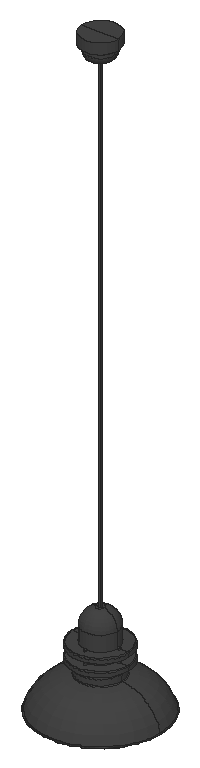
Revit family "Orbitor T 200w -218,220 LED", category Lighting Fixtures, Revit 2020
Family settings
  Round Connector Dimension = Use Diameter
  Part Type = Normal
  OmniClass Number = 23.80.70.00
  OmniClass Title = Lighting
  Work Plane-Based = No
  Always vertical = Yes
  Cut with Voids When Loaded = No
  Light Source = Yes
  Shared = No
  Room Calculation Point = No
Parameters (values of type "ORB218")
  Weight = "3.0 lbs"
  Wattage Comments = "24W"
  Wattage = 2.4 W
  Warranty = "5 year limited warranty"  # constant formula
  built-in parameter 1150110 = 1 (stored number, unit not read)
  Voltage = 277 V
  URL = "https://www.anplighting.com/assets/Uploads/product-attachments/specification-sheets/ANP-Specification-Sheet-RLM-LED-ORBT218.pdf"
  built-in parameter 1114217 = 1 (stored number, unit not read)
  Tilt Angle = 90.00°
  built-in parameter 1150109 = 1 (stored number, unit not read)
  built-in parameter 1150134 = 12
  built-in parameter 1150113 = 1 (stored number, unit not read)
  ORBITOR20 = no
  ORBITOR18 = yes
  Mounting Option [instance] = 1
  Power Factor = 1
  Post Mount [instance] = Mounting Option = 5  # no
  Placement X axis side [instance] = if(Post Mount, 2' 2 15/32", if(Cord or Stem Mount, 0' 0", if(E36 20 inch, 1' 8 1/4", if(E 6 26 inch, 2' 2", if(E7 41 inch, 3' 5 1/4", 0' 1")))))  # 0' - 0"
  Photometric Web File = "generic.ies"
  Model = "ORBT218"
  Manufacturer = "ANP Lighting"  # constant formula
  built-in parameter 1150105 = 238.73 (stored number, unit not read)
  Lumens = 3000 lm
  built-in parameter 1150115 = 1 (stored number, unit not read)
  Load Classification = Lighting
  Light Source Height [instance] = 1' - 1 1/2"
  built-in parameter 1150137 = (empty or 0)
  built-in parameter 1150139 = (empty or 0)
  Light Elevation _2 [instance] = if(Post Mount, 0' 0.66142", if(E7 41 inch, 0' 0.66142", if(E36 20 inch, 0' 1.65748", if(E 6 26 inch, 0' 1.53543", if(Cord or Stem Mount, (0' 4.3622" + Cord Length), 0' 0")))))  # 6' - 4.3622"
  Light Elevation _1 [instance] = if(Post Mount, 0' 0", if(E7 41 inch, 0' 0", if(E36 20 inch, 0' 1", if(E 6 26 inch, 0' 0.87402", if(Cord or Stem Mount, (0' 3.66142" + Cord Length), 0' 0")))))  # 6' - 3.66142"
  Light Elevation [instance] = if(Post Mount, 14' 0.5315", if(E7 41 inch, 0' 0", 0' 0"))  # 0' - 0"
  Life = "L70 50,000 hours"  # constant formula
  built-in parameter 1150112 = 1 (stored number, unit not read)
  built-in parameter 1150114 = 1 (stored number, unit not read)
  Lamp = "LED"
  built-in parameter 1150132 = 2
  built-in parameter 1150102 = (empty or 0)
  built-in parameter 1150107 = 4000 (stored number, unit not read)
  built-in parameter 1150138 = (empty or 0)
  built-in parameter 1150106 = 2.3873 (stored number, unit not read)
  INSIDE BODY = INSIDE BODY
  Fixture Height = 1' - 1 7/8"
  Fixture Diameter = 1' - 6"
  Efficiency = "65-125 lumens per watt"  # constant formula
  built-in parameter 1150104 = 116.13 (stored number, unit not read)
  E7 41 inch [instance] = Mounting Option = 4  # no
  E36 20 inch [instance] = Mounting Option = 3  # no
  E 6 26 inch [instance] = Mounting Option = 2  # no
  Dimming Lamp Color Temperature Shift = <None>
  Dimming = "1%"  # constant formula
  Description = "120-277 Voltage"  # constant formula
  Default Elevation = 0' - 0"
  Cord or Stem Mount [instance] = Mounting Option = 1  # yes
  Cord Length option [instance] = 0
  Cord Length [instance] = if([2' Cord], 2' 0", if([4' Cord], 4' 0", if([8' Cord], 8' 0", if([10' Cord], 10' 0", if([6' Cord], 6' 0", 6' 0")))))  # 6' - 0"
  Construction Material = "Heavy Duty spun aluminum."  # constant formula
  Color Filter = 16777215
  CRI = ">90"  # constant formula
  Bulb = Bulb
  Body Material = body
  Body Colour = "Spun aluminium"  # constant formula
  built-in parameter 1114218 = 1 (stored number, unit not read)
  built-in parameter 1150133 = 10 (stored number, unit not read)
  Apparent Load = 24 VA
  8' Cord [instance] = Cord Length option = 8  # no
  6' Cord [instance] = Cord Length option = 6  # no
  4' Cord [instance] = Cord Length option = 4  # no
  2' Cord [instance] = Cord Length option = 2  # no
  10' Cord [instance] = Cord Length option = 10  # no
Types (3): name | Weight | URL | ORBITOR20 | ORBITOR18 | Model | Fixture Diameter
  (no name) | "3.0 lbs" | "https://www.anplighting.com/assets/Uploads/product-attachments/specification-sheets/ANP-Specification-Sheet-RLM-LED-ORBT218.pdf" | no | yes | "ORBT218" | 1' - 6"
  ORB218 | "3.0 lbs" | "https://www.anplighting.com/assets/Uploads/product-attachments/specification-sheets/ANP-Specification-Sheet-RLM-LED-ORBT218.pdf" | no | yes | "ORBT218" | 1' - 6"
  ORB220 | "3.5 lbs" | "https://www.anplighting.com/assets/Uploads/product-attachments/specification-sheets/ANP-Specification-Sheet-RLM-LED-ORBT220.pdf" | yes | no | "ORBT220" | 1' - 8"
Reference planes (in)
  plane 1 "Light Source Axis (F/B)": y = 0
  plane 2: z = 0
  plane 3 "Light Source Axis (L/R)": x = 0
  plane 4 "Light Source Elevation": z = 0
  plane 5: z = 0
  plane 6: x = 0
  plane 7 "Bulb Position": z = -76.3622
  plane 8 "Canopy Position": z = -75.66142
  plane 9 "IES": z = -89.8622
Dimensions and locks (in)
  "Light Elevation": plane 5 to plane 2
  "Placement X axis side": plane 6 to plane 3 "Light Source Axis (L/R)"
  "Light Elevation _2": plane 5 to plane 7 "Bulb Position"
  "Light Elevation _1": plane 5 to plane 8 "Canopy Position"
  "Light Source Height": plane 7 "Bulb Position" to plane 9 "IES"
  locked: plane 4 "Light Source Elevation" to plane 2
  aligned and locked: level to plane 2
  aligned and locked: plane 1 "Light Source Axis (F/B)" to nested 5
  aligned and locked: nested 5 to plane 2
  aligned and locked: nested 1 to plane 3 "Light Source Axis (L/R)"
  aligned and locked: plane 3 "Light Source Axis (L/R)" to nested 2
  aligned and locked: plane 3 "Light Source Axis (L/R)" to nested 4
  aligned and locked: nested 3 to plane 5
  aligned and locked: plane 3 "Light Source Axis (L/R)" to nested 3
  aligned and locked: plane 3 "Light Source Axis (L/R)" to nested 5
  aligned and locked: plane 1 "Light Source Axis (F/B)" to nested 2
  aligned and locked: plane 1 "Light Source Axis (F/B)" to nested 1
  aligned and locked: plane 1 "Light Source Axis (F/B)" to nested 4
  aligned and locked: plane 1 "Light Source Axis (F/B)" to nested 3
  aligned and locked: plane 2 to nested 1
  aligned and locked: plane 2 to nested 2
  aligned and locked: nested 4 to plane 2
  aligned and locked: imposter light to plane 9 "IES"
  aligned and locked: imposter light to plane 6
  aligned and locked: nested 6 to plane 6
  aligned and locked: nested 6 to plane 8 "Canopy Position"
  aligned and locked: nested 7 to plane 8 "Canopy Position"
  aligned and locked: nested 7 to plane 6
Nested families (in)
  nested 1: "CORD OR STEM MOUNT" at (0, 0, -75.67), visible <- "Cord or Stem Mount", Cord or Stem Mount <- "Cord or Stem Mount", Body Material <- "Body Material", Light Elevation <- "Light Elevation", Cord Length <- "Cord Length", 10' Cord <- "10' Cord", 2' Cord <- "2' Cord", 4' Cord <- "4' Cord", 6' Cord <- "6' Cord", 8' Cord <- "8' Cord", type "CORD OR STEM MOUNT"
    with Light Elevation 0' - 0", Cord or Stem Mount yes, Cord Length 6' - 0", Body Material body, 8' Cord no, 6' Cord no, 4' Cord no, 2' Cord no, 10' Cord no
  nested 2: "E6 26 INCH" at (0, 0, 0), visible <- "E 6 26 inch", Chain Length <- "Cord Length", E 6 26 inch <- "E 6 26 inch", Placement X axis side <- "Placement X axis side", Body Material <- "Body Material", Light Elevation <- "Light Elevation", type "E6 26 INCH"
    with Placement X axis side 0' - 0", Light Elevation 0' - 0", E 6 26 inch no, Chain Length 6' - 0", Body Material body
  nested 3: "E7 41 INCH" at (0, 0, 0), Chain Length <- "Cord Length", visible <- "E7 41 inch", E7 41 inch <- "E7 41 inch", Placement X axis side <- "Placement X axis side", Body Material <- "Body Material", Light Elevation <- "Light Elevation", type "E7 41 INCH"
    with Placement X axis side 0' - 0", Light Elevation 0' - 0", E7 41 inch no, Chain Length 6' - 0", Body Material body
  nested 4: "E36 20 INCH" at (0, 0, 0), visible <- "E36 20 inch", E36 20 inch <- "E36 20 inch", Placement X axis side <- "Placement X axis side", Chain Length <- "Cord Length", Body Material <- "Body Material", Light Elevation <- "Light Elevation", type "E36 20 INCH"
    with Placement X axis side 0' - 0", Light Elevation 0' - 0", E36 20 inch no, Chain Length 6' - 0", Body Material body
  nested 5: "POST MOUNT" at (0, 0, 0), visible <- "Post Mount", Post Mount <- "Post Mount", Placement X axis side <- "Placement X axis side", Chain Length <- "Cord Length", Body Material <- "Body Material", Light Elevation <- "Light Elevation", type "POST MOUNT"
    with Post Mount no, Placement X axis side 0' - 0", Light Elevation 0' - 0", Chain Length 6' - 0", Body Material body
  nested 6: "ORBT218" at (0, 0, -75.66142), Light Elevation <- "Light Elevation", Body <- "Body Material", Bulb <- "Bulb", ORBITOR18 <- "ORBITOR18", visible <- "ORBITOR18", type "ORBT218"
    with ORBITOR18 yes, Light Elevation 0' - 0", Bulb Bulb, Body body
  nested 7: "ORBT220" at (0, 0, -75.66142), Body <- "Body Material", Bulb <- "Bulb", ORBITOR20 <- "ORBITOR20", visible <- "ORBITOR20", type "ORBT220"
    with ORBITOR20 no, Bulb Bulb, Body body
Definition of nested family "CORD OR STEM MOUNT"
  Parameters (values of type "CORD OR STEM MOUNT")
    URL = ""
    Model = ""
    Manufacturer = ""
    Light Elevation [instance] = 1' - 7.69"
    Default Elevation = 0' - 0"
    Cord or Stem Mount [instance] = yes
    Cord Length [instance] = 6' - 0"
    Body Material [instance] = none
    8' Cord [instance] = no
    6' Cord [instance] = no
    4' Cord [instance] = no
    2' Cord [instance] = no
    10' Cord [instance] = no
  Reference planes (in)
    plane 1 "Light Source Axis (F/B)": y = 0
    plane 2: z = 0
    plane 3 "Light Source Axis (L/R)": x = 0
    plane 4 "Light Source Elevation": z = 23.125
    plane 5: z = 91.69
    plane 6: z = 19.69
  Forms (in)
    Extrusion 1, void, not visible
      sketch origin (0, 0, 2.38154) x (1, 0, 0) y (0, 0, 1)
        loop
          circle (0, 4.59925) r 0.16583
      from 1.18594 to 1.75
    Extrusion 2, void, not visible
      sketch origin (0, 0, 2.38154) x (0.707107, -0.707107, 0) y (0, 0, 1)
        loop
          circle (0, 4.59925) r 0.16583
      from 1.18594 to 1.75
    Extrusion 3, void, not visible
      sketch origin (0, 0, 2.38154) x (0.707107, 0.707107, 0) y (0, 0, 1)
        loop
          circle (0, 4.59925) r 0.16583
      from 1.18594 to 1.75
    Extrusion 4, void, not visible
      sketch origin (0, 0, 2.38154) x (0, 1, 0) y (0, 0, 1)
        loop
          circle (0, 4.59925) r 0.16583
      from 1.18594 to 1.75
    Extrusion 5, void, not visible
      sketch origin (0, 0, 2.38154) x (-0.707107, 0.707107, 0) y (0, 0, 1)
        loop
          circle (0, 4.59925) r 0.16583
      from 1.18594 to 1.75
    Extrusion 6, void, not visible
      sketch origin (0, 0, 2.38154) x (-1, 0, 0) y (0, 0, 1)
        loop
          circle (0, 4.59925) r 0.20678
      from 1.18594 to 1.75
    Extrusion 7, void, not visible
      sketch origin (0, 0, 2.38154) x (-0.707107, -0.707107, 0) y (0, 0, 1)
        loop
          circle (0, 4.59925) r 0.16583
      from 1.18594 to 1.75
    Extrusion 8, void, not visible
      sketch origin (0, 0, 2.38154) x (0, -1, 0) y (0, 0, 1)
        loop
          circle (0, 4.59925) r 0.16583
      from 1.18594 to 1.75
    Revolve 9, solid, material <- "Body Material", visible <- "Cord or Stem Mount"
      sketch origin (0, 0, 174.56698) x (1, 0, 0) y (0, 0, 1)
        loop
          line (2.6875, -79.20698) -> (0, -79.20698) -> (0, -82.87698) -> (0.125, -82.87698) -> (0.125, -82.83698) -> (0.75, -82.83698)
          arc (0.75, -82.83698) -> (0.81694, -82.77004) -> (0.75, -82.7031) r 0.06694
          line (0.75, -82.7031) -> (0.89763, -82.7031) -> (1.00223, -82.5985) -> (1.06587, -82.5985)
          arc (1.06587, -82.5985) -> (1.80099, -82.29401) -> (2.10549, -81.55888) r 1.03962
          line (2.10549, -81.55888) -> (2.10549, -81.03899)
          arc (2.10549, -81.03899) -> (2.12951, -80.981) -> (2.1875, -80.95698) r 0.08201
          line (2.1875, -80.95698) -> (2.1875, -80.70698) -> (2.6875, -80.70698) -> (2.6875, -79.20698)
        axis (0, -79.20698) -> (0, -82.87698)
      angle from 0 to 360
    Revolve 10, solid, material <- "Body Material", visible <- "Cord or Stem Mount"
      sketch origin (0, 0, 0) x (1, 0, 0) y (0, 0, 1)
        loop
          line (0, 91.69) -> (-0.125, 91.69) -> (-0.125, 19.69) -> (0, 19.69) -> (0, 91.69)
        axis (0, 19.69) -> (0, 91.69)
      angle from 0 to 360
  Dimensions and locks (in)
    "Light Elevation": plane 6 to plane 2
    "Cord Length": plane 5 to plane 6
    locked: Revolve 10 sketch curve to Revolve 10 sketch curve at 0.125
    aligned and locked: level to plane 2
    aligned and locked: Revolve 10 sketch curve to plane 3 "Light Source Axis (L/R)"
    aligned and locked: Revolve 10 sketch curve to plane 6
    aligned and locked: Revolve 10 sketch curve to plane 5
    aligned and locked: plane 3 "Light Source Axis (L/R)" to Revolve 10 sketch curve
  Automatic sketch dimensions
    Revolve 9 sketch curve to plane 3 "Light Source Axis (L/R)" = 0' - 0"  (x2)
    Revolve 9 sketch curve to plane 5 = 0' - 0"
    plane 3 "Light Source Axis (L/R)" to Revolve 9 sketch curve = 0' - 0 1/8"
    Revolve 9 sketch curve to plane 5 = 0' - 0.17388"
    Revolve 9 sketch curve to Revolve 9 sketch curve = 0' - 0 5/8"
    Revolve 9 sketch curve to Revolve 9 sketch curve = 0' - 0.14763"
    Revolve 9 sketch curve to plane 5 = 0' - 0.27847"
    Revolve 9 sketch curve to Revolve 9 sketch curve = 0' - 0.1046"
    Revolve 9 sketch curve to Revolve 9 sketch curve = 0' - 0.06364"
    Revolve 9 sketch curve to Revolve 9 sketch curve = 0' - 1.03962"
    Revolve 9 sketch curve to Revolve 9 sketch curve = 0' - 0 21/256"
    Revolve 9 sketch curve to Revolve 9 sketch curve = 0' - 0 1/2"  (x2)
    Revolve 9 sketch curve to Revolve 9 sketch curve = 0' - 0.51989"
    Revolve 9 sketch curve to Revolve 9 sketch curve = 0' - 0 1/4"
    Revolve 9 sketch curve to Revolve 9 sketch curve = 0' - 2.3519"
    Revolve 9 sketch curve to Revolve 9 sketch curve = 0' - 1 1/4"
    Revolve 9 sketch curve to Revolve 9 sketch curve = 0' - 0.04"
    Revolve 10 sketch curve to Revolve 10 sketch curve = 0' - 0 1/2"
    Revolve 10 sketch curve to Revolve 10 sketch curve = 0' - 0.42345"
Definition of nested family "ORBT218"
  Parameters (values of type "ORBT218")
    ORBITOR18 [instance] = yes
    Light Elevation [instance] = 0' - 0"
    Default Elevation = 0' - 0"
    Bulb [instance] = none
    Body [instance] = none
  Reference planes (in)
    plane 1 "Center (Front/Back)": y = 0
    plane 2: z = 0
    plane 3 "Center (Left/Right)": x = 0
    plane 4: z = 0
  Dimensions and locks (in)
    "Light Elevation": plane 4 to plane 2
    aligned and locked: plane 2 to level
    aligned and locked: plane 3 "Center (Left/Right)" to nested 1
    aligned and locked: plane 1 "Center (Front/Back)" to nested 1
    aligned and locked: nested 1 to plane 4
  Nested families (in)
    nested 1: "ORBT218-LED" at (0, 0, -14.88867), Body <- "Body", visible <- "ORBITOR18", ORBITOR18 <- "ORBITOR18", Bulb <- "Bulb", type "ORBT218-LED"
      with ORBITOR18 yes, Body none
  Definition of nested family "ORBT218-LED"
    Parameters (values of type "ORBT218-LED")
      ORBITOR18 [instance] = yes
      Default Elevation = 0' - 0"
      Bulb [instance] = none
      Body [instance] = none
    Reference planes (in)
      plane 1 "Center (Front/Back)": y = 0
      plane 2: z = 0
      plane 3 "Center (Left/Right)": x = 0
    Forms (in)
      Revolve 1, solid, material <- "Body", visible <- "ORBITOR18"
        sketch origin (0, 0, 0) x (1, 0, 0) y (0, 0, 1)
          loop
            arc (-0.6875, 14.88867) -> (-1.99609, 13.99026) -> (-2.5, 12.48506) r 2.5
            line (-2.5, 12.48506) -> (-2.5, 10.11006)
            arc (-2.5, 10.11006) -> (-2.53661, 10.02167) -> (-2.625, 9.98506) r 0.125
            line (-2.625, 9.98506) -> (-3.0625, 9.98506)
            arc (-3.0625, 9.98506) -> (-3.15089, 9.94845) -> (-3.1875, 9.86006) r 0.125
            line (-3.1875, 9.86006) -> (-3.1875, 9.36006) -> (-3.1075, 9.36006) -> (-3.1075, 9.86006)
            arc (-3.1075, 9.86006) -> (-3.09432, 9.89188) -> (-3.0625, 9.90506) r 0.045
            line (-3.0625, 9.90506) -> (-2.625, 9.90506)
            arc (-2.625, 9.90506) -> (-2.48004, 9.9651) -> (-2.42, 10.11006) r 0.205
            line (-2.42, 10.11006) -> (-2.42, 12.48506)
            arc (-2.42, 12.48506) -> (-1.93222, 13.94209) -> (-0.6655, 14.81176) r 2.42
            line (-0.6655, 14.81176) -> (0, 14.81176) -> (0, 14.88867) -> (-0.6875, 14.88867)
          axis (0, 14.88867) -> (0, 9.36006)
        angle from 0 to 360
      Revolve 2, solid, material <- "Body", visible <- "ORBITOR18"
        sketch origin (0, 0, 0) x (1, 0, 0) y (0, 0, 1)
          loop
            line (-2.5625, 10.31506) -> (-4.1075, 10.31506)
            arc (-4.1075, 10.31506) -> (-4.16407, 10.29163) -> (-4.1875, 10.23506) r 0.08
            line (-4.1875, 10.23506) -> (-4.1875, 9.69006) -> (-4.1075, 9.69006) -> (-4.1075, 10.23506) -> (-2.5625, 10.23506) -> (-2.5625, 10.31506)
          axis (0, 10.31506) -> (0, 9.69006)
        angle from 0 to 360
      Revolve 3, solid, material <- "Body", visible <- "ORBITOR18"
        sketch origin (0, 0, 0) x (1, 0, 0) y (0, 0, 1)
          loop
            line (-2.5625, 10.23506) -> (-4, 10.23506) -> (-4, 9.98506) -> (-2.5625, 9.98506) -> (-2.5625, 10.23506)
          axis (0, 10.23506) -> (0, 9.98506)
        angle from 0 to 360
      Revolve 4, solid, material <- "Body", visible <- "ORBITOR18"
        sketch origin (0, 0, 0) x (1, 0, 0) y (0, 0, 1)
          loop
            line (-2.5625, 8.45006) -> (-2.5625, 8.53006) -> (-4.1075, 8.53006)
            arc (-4.1075, 8.53006) -> (-4.16407, 8.50663) -> (-4.1875, 8.45006) r 0.08
            line (-4.1875, 8.45006) -> (-4.1875, 7.90506) -> (-4.1075, 7.90506) -> (-4.1075, 8.45006) -> (-2.5625, 8.45006)
          axis (0, 8.53006) -> (0, 7.90506)
        angle from 0 to 360
      Revolve 5, solid, material <- "Body", visible <- "ORBITOR18"
        sketch origin (0, 0, 0) x (1, 0, 0) y (0, 0, 1)
          loop
            line (-2.5625, 7.20006) -> (-3.04687, 7.20006)
            arc (-3.04687, 7.20006) -> (-3.14631, 7.15887) -> (-3.1875, 7.05944) r 0.14063
            line (-3.1875, 7.05944) -> (-3.1875, 6.22719)
            arc (-3.1875, 6.22719) -> (-3.20594, 6.15757) -> (-3.25644, 6.10621) r 0.14063
            arc (-3.25644, 6.10621) -> (-6.83668, 4.59424) -> (-8.90266, 1.30244) r 6.46354
            arc (-8.90266, 1.30244) -> (-8.92733, 1.30009) -> (-8.91562, 1.32194) r 0.01406
            line (-8.91562, 1.32194) -> (-8.91562, 1.39225)
            arc (-8.91562, 1.39225) -> (-8.98204, 1.25583) -> (-8.8337, 1.28769) r 0.08438
            arc (-8.8337, 1.28769) -> (-6.78851, 4.54308) -> (-3.24589, 6.03644) r 6.39184
            arc (-3.24589, 6.03644) -> (-3.15777, 6.11428) -> (-3.125, 6.22719) r 0.21094
            line (-3.125, 6.22719) -> (-3.125, 7.06725)
            arc (-3.125, 7.06725) -> (-3.10441, 7.11697) -> (-3.05469, 7.13756) r 0.07031
            line (-3.05469, 7.13756) -> (-2.5625, 7.13756) -> (-2.5625, 7.20006)
          axis (0, 7.20006) -> (0, 1.28769)
        angle from 0 to 360
      Revolve 6, solid, material <- "Bulb", visible <- "ORBITOR18"
        sketch origin (0, 0, 0) x (1, 0, 0) y (0, 0, 1)
          loop
            line (-2.07662, 9.5) -> (-2.07662, 8.53006) -> (-2.185, 8.4375) -> (-2.185, 5.92368) -> (-2.185, 3.185)
            arc (-2.185, 3.185) -> (-1.54503, 1.63997) -> (0, 1) r 2.185
            line (0, 1) -> (0, 1.1875)
            arc (0, 1.1875) -> (-1.41245, 1.77255) -> (-1.9975, 3.185) r 1.9975
            line (-1.9975, 3.185) -> (-1.9975, 5.92368) -> (-1.9975, 8.35106) -> (-1.88912, 8.44362) -> (-1.88912, 9.5) -> (-2.07662, 9.5)
          axis (0, 9.5) -> (0, 1)
        angle from 0 to 360
      Revolve 7, solid, material <- "Body", visible <- "ORBITOR18"
        sketch origin (0, 0, 0) x (1, 0, 0) y (0, 0, 1)
          loop
            line (-3, 10.37756) -> (-3, 10.31506) -> (-2.8125, 10.31506) -> (-2.8125, 10.49006)
            arc (-2.8125, 10.49006) -> (-2.92183, 10.45978) -> (-3, 10.37756) r 0.2125
          loop
            line (-2.9375, 9.78006) -> (-3, 9.78006) -> (-3, 8.53006) -> (-2.9375, 8.53006) -> (-2.9375, 9.78006)
          loop
            line (-2.9375, 8.45006) -> (-3, 8.45006) -> (-3, 7.20006) -> (-2.9375, 7.20006) -> (-2.9375, 8.45006)
          axis (-2.8125, 10.49006) -> (-2.8125, 7.20006)
        angle from 0 to 360
      Revolve 8, solid, material <- "Body", visible <- "ORBITOR18"
        sketch origin (0, 0, 0) x (-1, 0, 0) y (0, 0, 1)
          loop
            line (-3, 10.37756) -> (-3, 10.31506) -> (-2.8125, 10.31506) -> (-2.8125, 10.49006)
            arc (-2.8125, 10.49006) -> (-2.92183, 10.45978) -> (-3, 10.37756) r 0.2125
          loop
            line (-2.9375, 9.78006) -> (-3, 9.78006) -> (-3, 8.53006) -> (-2.9375, 8.53006) -> (-2.9375, 9.78006)
          loop
            line (-2.9375, 8.45006) -> (-3, 8.45006) -> (-3, 7.20006) -> (-2.9375, 7.20006) -> (-2.9375, 8.45006)
          axis (-2.8125, 10.49006) -> (-2.8125, 7.20006)
        angle from 0 to 360
      Revolve 9, solid
        sketch origin (0, 0, 0) x (0, -1, 0) y (0, 0, 1)
          loop
            line (-3, 10.37756) -> (-3, 10.31506) -> (-2.8125, 10.31506) -> (-2.8125, 10.49006)
            arc (-2.8125, 10.49006) -> (-2.92183, 10.45978) -> (-3, 10.37756) r 0.2125
          loop
            line (-2.9375, 9.78006) -> (-3, 9.78006) -> (-3, 8.53006) -> (-2.9375, 8.53006) -> (-2.9375, 9.78006)
          loop
            line (-2.9375, 8.45006) -> (-3, 8.45006) -> (-3, 7.20006) -> (-2.9375, 7.20006) -> (-2.9375, 8.45006)
          axis (-2.8125, 10.49006) -> (-2.8125, 7.20006)
        angle from 0 to 360
      Revolve 10, solid, material <- "Body", visible <- "ORBITOR18"
        sketch origin (0, 0, 0) x (0, 1, 0) y (0, 0, -1)
          loop
            arc (-3, -10.37756) -> (-2.92183, -10.45978) -> (-2.8125, -10.49006) r 0.2125
            line (-2.8125, -10.49006) -> (-2.8125, -10.31506) -> (-3, -10.31506) -> (-3, -10.37756)
          loop
            line (-2.9375, -9.78006) -> (-2.9375, -8.53006) -> (-3, -8.53006) -> (-3, -9.78006) -> (-2.9375, -9.78006)
          loop
            line (-2.9375, -8.45006) -> (-2.9375, -7.20006) -> (-3, -7.20006) -> (-3, -8.45006) -> (-2.9375, -8.45006)
          axis (-2.8125, -10.49006) -> (-2.8125, -7.20006)
        angle from 0 to 360
      Revolve 11, solid, material <- "Body", visible <- "ORBITOR18"
        sketch origin (0, 0, 0) x (1, 0, 0) y (0, 0, 1)
          loop
            line (-1.25, 9.78006) -> (-2.5, 9.78006) -> (-2.5, 9.03006) -> (-2.4375, 9.03006) -> (-2.4375, 8.53006) -> (-2.1875, 8.53006) -> (-2.1875, 9.59256) -> (-1.25, 9.59256) -> (-1.25, 9.78006)
          axis (0, 9.78006) -> (0, 8.53006)
        angle from 0 to 360
    Dimensions and locks (in)
      aligned and locked: plane 2 to level
Definition of nested family "E6 26 INCH"
  Parameters (values of type "E6 26 INCH")
    URL = ""
    Placement X axis side [instance] = 2' - 2"
    Model = ""
    Manufacturer = ""
    Light Elevation [instance] = 8' - 4"
    E 6 26 inch [instance] = yes
    Default Elevation = 0' - 0"
    Chain Length [instance] = 0' - 0"
    Body Material [instance] = none
  Reference planes (in)
    plane 1 "Light Source Axis (F/B)": y = 0
    plane 2: z = 0
    plane 3 "Light Source Axis (L/R)": x = 0
    plane 4 "Light Source Elevation": z = 23.125
    plane 5: z = 100
    plane 6: x = -26
    plane 7: z = 99.125
    plane 8: x = -24.12
    plane 9: x = -25.5474
  Forms (in)
    Extrusion 1, void, not visible
      sketch origin (0, 0, 2.38154) x (1, 0, 0) y (0, 0, 1)
        loop
          circle (0, 4.59925) r 0.16583
      from 1.18594 to 1.75
    Extrusion 2, void, not visible
      sketch origin (0, 0, 2.38154) x (0.707107, -0.707107, 0) y (0, 0, 1)
        loop
          circle (0, 4.59925) r 0.16583
      from 1.18594 to 1.75
    Extrusion 3, void, not visible
      sketch origin (0, 0, 2.38154) x (0.707107, 0.707107, 0) y (0, 0, 1)
        loop
          circle (0, 4.59925) r 0.16583
      from 1.18594 to 1.75
    Extrusion 4, void, not visible
      sketch origin (0, 0, 2.38154) x (0, 1, 0) y (0, 0, 1)
        loop
          circle (0, 4.59925) r 0.16583
      from 1.18594 to 1.75
    Extrusion 5, void, not visible
      sketch origin (0, 0, 2.38154) x (-0.707107, 0.707107, 0) y (0, 0, 1)
        loop
          circle (0, 4.59925) r 0.16583
      from 1.18594 to 1.75
    Extrusion 6, void, not visible
      sketch origin (0, 0, 2.38154) x (-1, 0, 0) y (0, 0, 1)
        loop
          circle (0, 4.59925) r 0.20678
      from 1.18594 to 1.75
    Extrusion 7, void, not visible
      sketch origin (0, 0, 2.38154) x (-0.707107, -0.707107, 0) y (0, 0, 1)
        loop
          circle (0, 4.59925) r 0.16583
      from 1.18594 to 1.75
    Extrusion 8, void, not visible
      sketch origin (0, 0, 2.38154) x (0, -1, 0) y (0, 0, 1)
        loop
          circle (0, 4.59925) r 0.16583
      from 1.18594 to 1.75
    Sweep 9, solid, material <- "Body Material", visible <- "E 6 26 inch"
      path origin (-41.25, 0, 168.51693) x (1, 0, 0) y (0, 0, 1)
        loop
          line (17.13, -68.51693) -> (27.68551, -68.51693)
          arc (27.68551, -68.51693) -> (28.47996, -68.34486) -> (29.13202, -67.8595) r 1.92004
          line (29.13202, -67.8595) -> (34.23651, -62.01155)
          arc (34.23651, -62.01155) -> (38.65464, -60.89667) -> (41.25, -64.64193) r 4
          line (41.25, -64.64193) -> (41.25, -69.39193)
      profile origin (-18.84224, 0, 100) x (0, 0, 1) y (0, -1, 0)
        loop
          circle (0, 0) r 0.5
    Revolve 10, solid, material <- "Body Material", visible <- "E 6 26 inch"
      sketch origin (-26, 0, 168.51693) x (1, 0, 0) y (0, 0, 1)
        loop
          line (0, -66.07943) -> (0, -68.51693) -> (1.88, -68.51693) -> (1.88, -67.69272) -> (0.4526, -67.69272) -> (0.4526, -66.54122) -> (0.33125, -66.54122) -> (0.33125, -66.07943) -> (0, -66.07943)
        axis (0, -68.51693) -> (1.88, -68.51693)
      angle from 0 to 360
    Extrusion 11, solid, material <- "Body Material", visible <- "E 6 26 inch"
      sketch origin (-26, 0, 168.51693) x (0, -1, 0) y (0, 0, -1)
        loop
          line (0.25, 68.51693) -> (0.25, 69.51693) -> (-0.25, 69.51693) -> (-0.25, 68.51693) -> (0.25, 68.51693)
      from 0.4526 to 1.88
  Cuts and joins
    joined: Revolve 10, Extrusion 11
  Dimensions and locks (in)
    "Light Elevation": plane 5 to plane 2
    "Placement X axis side": plane 3 "Light Source Axis (L/R)" to plane 6
    locked: plane 5 to plane 7 at 0.875
    Revolve 10 sketch curve to Revolve 10 sketch curve to Revolve 10 sketch curve to plane 6 = 0' - 1.4274" locked, 0' - 0.12135" locked, 0' - 0.33125" locked
    Revolve 10 sketch curve to Revolve 10 sketch curve to Revolve 10 sketch curve to plane 5 = 0' - 0.46179" locked, 0' - 1.1515" locked, 0' - 0 211/256" locked
    locked: Sweep 9 sketch curve to plane 6 at 1.88
    locked: Sweep 9 sketch curve to Sweep 9 sketch curve at 10.55551
    locked: Sweep 9 sketch curve to Sweep 9 sketch curve at 13.56449
    locked: Sweep 9 sketch curve to Sweep 9 sketch curve at 4.75
    locked: plane 9 to plane 6 at 0.4526
    locked: plane 8 to plane 9 at 1.4274
    aligned and locked: level to plane 2
    aligned and locked: Revolve 10 sketch curve to plane 6
    aligned and locked: plane 5 to Revolve 10 sketch curve
    aligned and locked: Revolve 10 sketch curve to plane 5
    aligned and locked: cut or joined group of Revolve 10, Extrusion 11 to plane 9
    aligned and locked: plane 8 to cut or joined group of Revolve 10, Extrusion 11
  Automatic sketch dimensions
    Sweep 9 sketch curve to plane 5 = 0' - 0"
    Sweep 9 sketch curve to Sweep 9 sketch curve = 0' - 4"
    Sweep 9 sketch curve to Sweep 9 sketch curve = 0' - 3.01349"
    plane 5 to Sweep 9 sketch curve = 0' - 0.65743"
    Sweep 9 sketch curve to Sweep 9 sketch curve = 0' - 1.4465"
    Sweep 9 sketch curve to plane 5 = 0' - 0 7/8"
    profile plane to Sweep 9 sketch curve = 0' - 0"
    Sweep 9 sketch curve to profile plane = 0' - 0"
    plane 6 to Revolve 10 sketch curve = 0' - 0.62562"
    Revolve 10 sketch curve to Revolve 10 sketch curve = 0' - 0 1/2"
    Extrusion 11 sketch curve to plane 5 = 0' - 0"
    plane 1 "Light Source Axis (F/B)" to Extrusion 11 sketch curve = 0' - 0 1/4"
    Extrusion 11 sketch curve to plane 1 "Light Source Axis (F/B)" = 0' - 0 1/4"
    plane 5 to Extrusion 11 sketch curve = 0' - 1"
    radius of Sweep 9 sketch curve = 0' - 0 1/2"
Definition of nested family "E7 41 INCH"
  Parameters (values of type "E7 41 INCH")
    URL = ""
    Placement X axis side [instance] = 4' - 2"
    Model = ""
    Manufacturer = ""
    Light Elevation [instance] = 8' - 4"
    E7 41 inch [instance] = yes
    Default Elevation = 0' - 0"
    Chain Length [instance] = 0' - 0"
    Body Material [instance] = none
  Reference planes (in)
    plane 1 "Light Source Axis (F/B)": y = 0
    plane 2: z = 0
    plane 3 "Light Source Axis (L/R)": x = 0
    plane 4 "Light Source Elevation": z = 23.125
    plane 5: z = 100
    plane 6: x = -50
  Forms (in)
    Extrusion 1, void, not visible
      sketch origin (0, 0, 2.38154) x (1, 0, 0) y (0, 0, 1)
        loop
          circle (0, 4.59925) r 0.16583
      from 1.18594 to 1.75
    Extrusion 2, void, not visible
      sketch origin (0, 0, 2.38154) x (0.707107, -0.707107, 0) y (0, 0, 1)
        loop
          circle (0, 4.59925) r 0.16583
      from 1.18594 to 1.75
    Extrusion 3, void, not visible
      sketch origin (0, 0, 2.38154) x (0.707107, 0.707107, 0) y (0, 0, 1)
        loop
          circle (0, 4.59925) r 0.16583
      from 1.18594 to 1.75
    Extrusion 4, void, not visible
      sketch origin (0, 0, 2.38154) x (0, 1, 0) y (0, 0, 1)
        loop
          circle (0, 4.59925) r 0.16583
      from 1.18594 to 1.75
    Extrusion 5, void, not visible
      sketch origin (0, 0, 2.38154) x (-0.707107, 0.707107, 0) y (0, 0, 1)
        loop
          circle (0, 4.59925) r 0.16583
      from 1.18594 to 1.75
    Extrusion 6, void, not visible
      sketch origin (0, 0, 2.38154) x (-1, 0, 0) y (0, 0, 1)
        loop
          circle (0, 4.59925) r 0.20678
      from 1.18594 to 1.75
    Extrusion 7, void, not visible
      sketch origin (0, 0, 2.38154) x (-0.707107, -0.707107, 0) y (0, 0, 1)
        loop
          circle (0, 4.59925) r 0.16583
      from 1.18594 to 1.75
    Extrusion 8, void, not visible
      sketch origin (0, 0, 2.38154) x (0, -1, 0) y (0, 0, 1)
        loop
          circle (0, 4.59925) r 0.16583
      from 1.18594 to 1.75
    Revolve 9, solid, material <- "Body Material", visible <- "E7 41 inch"
      sketch origin (-41.25, 0, 168.39193) x (1, 0, 0) y (0, 0, 1)
        loop
          line (-8.75, -66.20443) -> (-8.75, -68.51693) -> (-6.87, -68.51693) -> (-6.87, -67.69272) -> (-8.2974, -67.69272) -> (-8.2974, -66.54122) -> (-8.41875, -66.54122) -> (-8.41875, -66.20443) -> (-8.75, -66.20443)
        axis (-8.75, -68.51693) -> (-6.87, -68.51693)
      angle from 0 to 360
    Extrusion 10, solid, material <- "Body Material", visible <- "E7 41 inch"
      sketch origin (-41.25, 0, 168.39193) x (0, -1, 0) y (0, 0, -1)
        loop
          line (0.25, 68.51693) -> (0.25, 69.51693) -> (-0.25, 69.51693) -> (-0.25, 68.51693) -> (0.25, 68.51693)
      from -8.2974 to -6.87
    Sweep 11, solid, material <- "Body Material", visible <- "E7 41 inch"
      path origin (-41.25, 0, 168.39193) x (1, 0, 0) y (0, 0, 1)
        loop
          line (-6.87, -68.51693) -> (16.04011, -68.51693)
          arc (16.04011, -68.51693) -> (17.864, -68.13651) -> (19.38375, -67.0587) r 4.5625
          line (19.38375, -67.0587) -> (24.70217, -61.33018)
          arc (24.70217, -61.33018) -> (29.64465, -60.20324) -> (32.5, -64.39193) r 4.5
          line (32.5, -64.39193) -> (32.5, -68.39193)
      profile origin (-36.66494, 0, 99.875) x (0, 0, 1) y (0, -1, 0)
        loop
          circle (0, 0) r 0.5
  Dimensions and locks (in)
    "Placement X axis side": plane 3 "Light Source Axis (L/R)" to plane 6
    "Light Elevation": plane 5 to plane 2
    locked: Revolve 9 sketch curve to Revolve 9 sketch curve at 0.33125
    locked: Revolve 9 sketch curve to Revolve 9 sketch curve at 0.4526
    locked: Revolve 9 sketch curve to Revolve 9 sketch curve at 1.88
    locked: Revolve 9 sketch curve to Revolve 9 sketch curve at 0.82421
    locked: Revolve 9 sketch curve to Revolve 9 sketch curve at 1.1515
    locked: Revolve 9 sketch curve to Revolve 9 sketch curve at 0.33679
    locked: plane 5 to Revolve 9 sketch curve at 0.125
    locked: Extrusion 10 sketch curve to Extrusion 10 sketch curve at 0.5
    locked: Extrusion 10 sketch curve to Extrusion 10 sketch curve at 1
    locked: plane 5 to Extrusion 10 sketch curve at 0.125
    locked: plane 5 to Sweep 11 sketch curve at 0.125
    locked: Sweep 11 sketch curve to Sweep 11 sketch curve at 39.37
    locked: Sweep 11 sketch curve to Sweep 11 sketch curve at 4
    locked: plane 6 to Extrusion 10 at 0.4526
    locked: Sweep 11 sketch curve to plane 6 at 1.88
    locked: Extrusion 10 to Extrusion 10 at 1.4274
    aligned and locked: plane 2 to level
    aligned and locked: Revolve 9 sketch curve to plane 6
  Automatic sketch dimensions
    Revolve 9 sketch curve to plane 5 = 0' - 0 1/8"
    plane 6 to Revolve 9 sketch curve = 0' - 0.62562"
    Revolve 9 sketch curve to Revolve 9 sketch curve = 0' - 0 1/2"
    plane 1 "Light Source Axis (F/B)" to Extrusion 10 sketch curve = 0' - 0 1/4"
    Sweep 11 sketch curve to plane 5 = 0' - 0"
    Sweep 11 sketch curve to Sweep 11 sketch curve = 0' - 4 1/2"
    Sweep 11 sketch curve to Sweep 11 sketch curve = 0' - 3.29783"
    plane 5 to Sweep 11 sketch curve = 0' - 1.33323"
    Sweep 11 sketch curve to Sweep 11 sketch curve = 0' - 5.31842"
    Sweep 11 sketch curve to Sweep 11 sketch curve = 0' - 3.34364"
    profile plane to Sweep 11 sketch curve = 0' - 0"
    Sweep 11 sketch curve to profile plane = 0' - 0"
    radius of Sweep 11 sketch curve = 0' - 0 1/2"
Definition of nested family "E36 20 INCH"
  Parameters (values of type "E36 20 INCH")
    URL = ""
    Placement X axis side [instance] = 1' - 8 1/4"
    Model = ""
    Manufacturer = ""
    Light Elevation [instance] = 8' - 4"
    E36 20 inch [instance] = yes
    Default Elevation = 0' - 0"
    Chain Length [instance] = 0' - 0"
    Body Material [instance] = none
  Reference planes (in)
    plane 1 "Light Source Axis (F/B)": y = 0
    plane 2: z = 0
    plane 3 "Light Source Axis (L/R)": x = 0
    plane 4 "Light Source Elevation": z = 23.125
    plane 5: z = 99
    plane 6: x = -20.25
    plane 7: z = 100
    plane 8: x = -18.37008
    plane 9: x = -19.79724
  Forms (in)
    Extrusion 1, void, not visible
      sketch origin (0, 0, 2.38154) x (1, 0, 0) y (0, 0, 1)
        loop
          circle (0, 4.59925) r 0.16583
      from 1.18594 to 1.75
    Extrusion 2, void, not visible
      sketch origin (0, 0, 2.38154) x (0.707107, -0.707107, 0) y (0, 0, 1)
        loop
          circle (0, 4.59925) r 0.16583
      from 1.18594 to 1.75
    Extrusion 3, void, not visible
      sketch origin (0, 0, 2.38154) x (0.707107, 0.707107, 0) y (0, 0, 1)
        loop
          circle (0, 4.59925) r 0.16583
      from 1.18594 to 1.75
    Extrusion 4, void, not visible
      sketch origin (0, 0, 2.38154) x (0, 1, 0) y (0, 0, 1)
        loop
          circle (0, 4.59925) r 0.16583
      from 1.18594 to 1.75
    Extrusion 5, void, not visible
      sketch origin (0, 0, 2.38154) x (-0.707107, 0.707107, 0) y (0, 0, 1)
        loop
          circle (0, 4.59925) r 0.16583
      from 1.18594 to 1.75
    Extrusion 6, void, not visible
      sketch origin (0, 0, 2.38154) x (-1, 0, 0) y (0, 0, 1)
        loop
          circle (0, 4.59925) r 0.20678
      from 1.18594 to 1.75
    Extrusion 7, void, not visible
      sketch origin (0, 0, 2.38154) x (-0.707107, -0.707107, 0) y (0, 0, 1)
        loop
          circle (0, 4.59925) r 0.16583
      from 1.18594 to 1.75
    Extrusion 8, void, not visible
      sketch origin (0, 0, 2.38154) x (0, -1, 0) y (0, 0, 1)
        loop
          circle (0, 4.59925) r 0.16583
      from 1.18594 to 1.75
    Sweep 9, solid, material <- "Body Material", visible <- "E36 20 inch"
      path origin (-41.25, 0, 169.51693) x (1, 0, 0) y (0, 0, 1)
        loop
          line (22.88, -69.51693) -> (28.93827, -69.51693)
          arc (28.93827, -69.51693) -> (29.97705, -69.28152) -> (30.81284, -68.62128) r 2.40953
          line (30.81284, -68.62128) -> (34.13807, -64.50378)
          arc (34.13807, -64.50378) -> (38.58272, -63.24548) -> (41.25, -67.01693) r 4
          line (41.25, -67.01693) -> (41.25, -70.51693)
      profile origin (-15.34086, 0, 100) x (0, 0, 1) y (0, -1, 0)
        loop
          circle (0, 0) r 0.5
    Revolve 10, solid, material <- "Body Material", visible <- "E36 20 inch"
      sketch origin (-20.25, 0, 169.51693) x (1, 0, 0) y (0, 0, 1)
        loop
          line (0, -67.20443) -> (0, -69.51693) -> (1.88, -69.51693) -> (1.88, -68.69272) -> (0.4526, -68.69272) -> (0.4526, -67.54122) -> (0.33125, -67.54122) -> (0.33125, -67.20443) -> (0, -67.20443)
        axis (0, -69.51693) -> (1.88, -69.51693)
      angle from 0 to 360
    Extrusion 11, solid, material <- "Body Material", visible <- "E36 20 inch"
      sketch origin (-20.25, 0, 169.51693) x (0, -1, 0) y (0, 0, -1)
        loop
          line (0.25, 69.51693) -> (0.25, 70.51693) -> (-0.25, 70.51693) -> (-0.25, 69.51693) -> (0.25, 69.51693)
      from 1.87992 to 0.45276
  Cuts and joins
    joined: Revolve 10, Extrusion 11
  Dimensions and locks (in)
    "Light Elevation": plane 7 to plane 2
    "Placement X axis side": plane 3 "Light Source Axis (L/R)" to plane 6
    locked: plane 7 to plane 5 at 1
    Revolve 10 sketch curve to Revolve 10 sketch curve to Revolve 10 sketch curve to plane 7 = 0' - 0.33679" locked, 0' - 1.1515" locked, 0' - 0 211/256" locked
    locked: Sweep 9 sketch curve to plane 6 at 1.88
    locked: Sweep 9 sketch curve to Sweep 9 sketch curve at 6.05827
    locked: Sweep 9 sketch curve to Sweep 9 sketch curve at 12.31173
    locked: Sweep 9 sketch curve to Sweep 9 sketch curve at 3.5
    Revolve 10 sketch curve to Revolve 10 sketch curve to Revolve 10 sketch curve to plane 6 = 0' - 1.4274" locked, 0' - 0.12135" locked, 0' - 0.33125" locked
    locked: plane 9 to plane 6 at 0.45276
    locked: plane 8 to plane 9 at 1.42717
    aligned and locked: level to plane 2
    aligned and locked: plane 7 to Revolve 10 sketch curve
    aligned and locked: Revolve 10 sketch curve to plane 7
    aligned and locked: Revolve 10 sketch curve to plane 6
    aligned and locked: cut or joined group of Revolve 10, Extrusion 11 to plane 9
    aligned and locked: plane 8 to cut or joined group of Revolve 10, Extrusion 11
  Automatic sketch dimensions
    Sweep 9 sketch curve to plane 7 = 0' - 0"
    Sweep 9 sketch curve to plane 5 = 0' - 0"
    Sweep 9 sketch curve to Sweep 9 sketch curve = 0' - 4"
    Sweep 9 sketch curve to plane 7 = 0' - 0.89565"
    Sweep 9 sketch curve to Sweep 9 sketch curve = 0' - 3.32523"
    Sweep 9 sketch curve to Sweep 9 sketch curve = 0' - 1.87457"
    profile plane to Sweep 9 sketch curve = 0' - 0"
    Sweep 9 sketch curve to profile plane = 0' - 0"
    plane 6 to Revolve 10 sketch curve = 0' - 0.62562"
    Revolve 10 sketch curve to Revolve 10 sketch curve = 0' - 0 1/2"
    plane 7 to Extrusion 11 sketch curve = 0' - 0"
    Extrusion 11 sketch curve to plane 5 = 0' - 0"
    plane 1 "Light Source Axis (F/B)" to Extrusion 11 sketch curve = 0' - 0 1/4"
    Extrusion 11 sketch curve to plane 1 "Light Source Axis (F/B)" = 0' - 0 1/4"
    radius of Sweep 9 sketch curve = 0' - 0 1/2"
Definition of nested family "POST MOUNT"
  Parameters (values of type "POST MOUNT")
    URL = ""
    Post Mount [instance] = yes
    Placement X axis side [instance] = 2' - 2 1/2"
    Model = ""
    Manufacturer = ""
    Light Elevation [instance] = 14' - 0.5168"
    Default Elevation = 0' - 0"
    Chain Length [instance] = 0' - 0"
    Body Material [instance] = none
  Reference planes (in)
    plane 1 "Light Source Axis (F/B)": y = 0
    plane 2: z = 0
    plane 3 "Light Source Axis (L/R)": x = 0
    plane 4 "Light Source Elevation": z = 23.125
    plane 5: x = -26.5
    plane 6: z = 168.5168
  Forms (in)
    Extrusion 1, void, not visible
      sketch origin (0, 0, 2.38154) x (1, 0, 0) y (0, 0, 1)
        loop
          circle (0, 4.59925) r 0.16583
      from 1.18594 to 1.75
    Extrusion 2, void, not visible
      sketch origin (0, 0, 2.38154) x (0.707107, -0.707107, 0) y (0, 0, 1)
        loop
          circle (0, 4.59925) r 0.16583
      from 1.18594 to 1.75
    Extrusion 3, void, not visible
      sketch origin (0, 0, 2.38154) x (0.707107, 0.707107, 0) y (0, 0, 1)
        loop
          circle (0, 4.59925) r 0.16583
      from 1.18594 to 1.75
    Extrusion 4, void, not visible
      sketch origin (0, 0, 2.38154) x (0, 1, 0) y (0, 0, 1)
        loop
          circle (0, 4.59925) r 0.16583
      from 1.18594 to 1.75
    Extrusion 5, void, not visible
      sketch origin (0, 0, 2.38154) x (-0.707107, 0.707107, 0) y (0, 0, 1)
        loop
          circle (0, 4.59925) r 0.16583
      from 1.18594 to 1.75
    Extrusion 6, void, not visible
      sketch origin (0, 0, 2.38154) x (-1, 0, 0) y (0, 0, 1)
        loop
          circle (0, 4.59925) r 0.20678
      from 1.18594 to 1.75
    Extrusion 7, void, not visible
      sketch origin (0, 0, 2.38154) x (-0.707107, -0.707107, 0) y (0, 0, 1)
        loop
          circle (0, 4.59925) r 0.16583
      from 1.18594 to 1.75
    Extrusion 8, void, not visible
      sketch origin (0, 0, 2.38154) x (0, -1, 0) y (0, 0, 1)
        loop
          circle (0, 4.59925) r 0.16583
      from 1.18594 to 1.75
    Revolve 9, solid, material <- "Body Material", visible <- "Post Mount"
      sketch origin (-7.90508, 0, 0) x (1, 0, 0) y (0, 0, 1)
        loop
          line (-18.59492, 3.92912) -> (-16.29831, 3.92912) -> (-16.29831, 4.2668) -> (-16.91413, 4.2668) -> (-16.91413, 134.5168) -> (-17.16413, 134.5168) -> (-17.16413, 137.3918) -> (-17.05979, 137.3918)
          arc (-17.05979, 137.3918) -> (-16.93479, 137.5168) -> (-17.05979, 137.6418) r 0.125
          line (-17.05979, 137.6418) -> (-17.48032, 137.6418) -> (-17.48032, 139.0793) -> (-17.73032, 139.0793) -> (-17.73032, 139.5793) -> (-18.59492, 139.5793) -> (-18.59492, 3.92912)
        axis (-18.59492, 139.5793) -> (-18.59492, 3.92912)
      angle from 0 to 360
    Extrusion 10, solid, material <- "Body Material", visible <- "Post Mount"
      sketch origin (0, 0, 0) x (1, 0, 0) y (0, 1, 0)
        loop
          line (-20.5, 5.93079) -> (-32.5, 5.93079) -> (-32.5, -6.06921) -> (-20.5, -6.06921) -> (-20.5, 5.93079)
      from 0 to 3.92912
    Sweep 11, solid, material <- "Body Material", visible <- "Post Mount"
      path origin (0, 0, 48.5) x (1, 0, 0) y (0, 0, 1)
        loop
          line (0, 120.0168) -> (0, 128.0168)
          arc (0, 128.0168) -> (-13.25, 141.2668) -> (-26.5, 128.0168) r 13.25
          line (-26.5, 128.0168) -> (-26.5, 91.0793)
      profile origin (0, 0, 172.5168) x (-1, 0, 0) y (0, -1, 0)
        loop
          circle (0, 0) r 0.5
    Revolve 12, solid, material <- "Body Material", visible <- "Post Mount"
      sketch origin (0, 0, 0) x (1, 0, 0) y (0, 0, 1)
        loop
          line (0, 168.5168) -> (0.75, 168.5168) -> (0.75, 170.7668) -> (0, 170.7668) -> (0, 168.5168)
        axis (0, 170.7668) -> (0, 168.5168)
      angle from 0 to 360
  Cuts and joins
    joined: Revolve 9, Extrusion 10, Sweep 11, Revolve 12
  Dimensions and locks (in)
    "Placement X axis side": plane 3 "Light Source Axis (L/R)" to plane 5
    "Light Elevation": plane 6 to plane 2
    locked: Revolve 12 sketch curve to plane 5 at 26.5  (x2)
    locked: Revolve 9 sketch curve to plane 2 at 3.92912
    locked: Revolve 9 sketch curve to plane 5 at 2.29661
    locked: Revolve 9 sketch curve to plane 5 at 1.68079
    locked: Revolve 9 sketch curve to plane 5 at 1.43079
    locked: Revolve 9 sketch curve to plane 5 at 1.11461
    locked: Revolve 9 sketch curve to plane 5 at 0.86461
    locked: Revolve 9 sketch curve to Revolve 9 sketch curve at 130.58768
    locked: Revolve 9 sketch curve to Revolve 9 sketch curve at 2.875
    locked: Revolve 9 sketch curve to Revolve 9 sketch curve at 0.25
    locked: Revolve 9 sketch curve to Revolve 9 sketch curve at 1.4375
    locked: Revolve 9 sketch curve to Revolve 9 sketch curve at 0.5
    locked: Sweep 11 sketch curve to Sweep 11 sketch curve at 26.5
    locked: Revolve 12 sketch curve to Revolve 12 sketch curve at 0.75
    locked: cut or joined group of Revolve 9, Extrusion 10, Sweep 11, Revolve 12 to plane 2 at 139.5793
    aligned and locked: level to plane 2
    aligned and locked: plane 5 to Sweep 11 sketch curve
    aligned and locked: Revolve 9 sketch curve to plane 5
  Automatic sketch dimensions
    Revolve 9 sketch curve to plane 5 = 0' - 0"
    Revolve 9 sketch curve to Revolve 9 sketch curve = 0' - 0.10434"
    Revolve 9 sketch curve to Revolve 9 sketch curve = 0' - 0.33768"
    Revolve 9 sketch curve to Revolve 9 sketch curve = 0' - 0 1/4"
    Revolve 9 sketch curve to Revolve 9 sketch curve = 0' - 0 7/16"
    Extrusion 10 sketch curve to plane 5 = 0' - 6"
    plane 5 to Extrusion 10 sketch curve = 0' - 6"
    plane 1 "Light Source Axis (F/B)" to Extrusion 10 sketch curve = 0' - 6.06921"
    Extrusion 10 sketch curve to plane 1 "Light Source Axis (F/B)" = 0' - 5.93079"
    Sweep 11 sketch curve to profile plane = 0' - 0"
    profile plane to Sweep 11 sketch curve = 0' - 0"
    Sweep 11 sketch curve to plane 6 = 0' - 0"
    Sweep 11 sketch curve to plane 6 = 0' - 8"
    plane 6 to Sweep 11 sketch curve = 2' - 4 15/16"
    Revolve 12 sketch curve to plane 6 = 0' - 0"
    Revolve 12 sketch curve to plane 6 = 0' - 2 1/4"
    Revolve 12 sketch curve to Revolve 12 sketch curve = 0' - 0 1/2"
    Revolve 12 sketch curve to Revolve 12 sketch curve = 0' - 0"
    radius of Sweep 11 sketch curve = 0' - 0 1/2"
Definition of nested family "ORBT220"
  Parameters (values of type "ORBT220")
    ORBITOR20 [instance] = yes
    Light Elevation = 0' - 0"
    Default Elevation = 0' - 0"
    Bulb [instance] = none
    Body [instance] = none
  Reference planes (in)
    plane 1 "Center (Front/Back)": y = 0
    plane 2: z = 0
    plane 3 "Center (Left/Right)": x = 0
    plane 4: z = 0
  Dimensions and locks (in)
    "Light Elevation": plane 4 to plane 2
    aligned and locked: plane 2 to level
    aligned and locked: plane 3 "Center (Left/Right)" to nested 1
    aligned and locked: plane 1 "Center (Front/Back)" to nested 1
    aligned and locked: nested 1 to plane 4
  Nested families (in)
    nested 1: "ORBT220-LED" at (0, 0, -14.88867), Body <- "Body", visible <- "ORBITOR20", ORBITOR20 <- "ORBITOR20", type "ORBT220-LED"
      with ORBITOR20 yes, Body none
  Definition of nested family "ORBT220-LED"
    Parameters (values of type "ORBT220-LED")
      ORBITOR20 [instance] = yes
      Default Elevation = 0' - 0"
      Bulb = none
      Body [instance] = none
    Reference planes (in)
      plane 1 "Center (Front/Back)": y = 0
      plane 2: z = 0
      plane 3 "Center (Left/Right)": x = 0
    Forms (in)
      Revolve 1, solid, material <- "Body", visible <- "ORBITOR20"
        sketch origin (0, 0, 0) x (1, 0, 0) y (0, 0, 1)
          loop
            arc (-0.6875, 14.88867) -> (-1.99609, 13.99026) -> (-2.5, 12.48506) r 2.5
            line (-2.5, 12.48506) -> (-2.5, 10.11006)
            arc (-2.5, 10.11006) -> (-2.53661, 10.02167) -> (-2.625, 9.98506) r 0.125
            line (-2.625, 9.98506) -> (-3.0625, 9.98506)
            arc (-3.0625, 9.98506) -> (-3.15089, 9.94845) -> (-3.1875, 9.86006) r 0.125
            line (-3.1875, 9.86006) -> (-3.1875, 9.36006) -> (-3.1075, 9.36006) -> (-3.1075, 9.86006)
            arc (-3.1075, 9.86006) -> (-3.09432, 9.89188) -> (-3.0625, 9.90506) r 0.045
            line (-3.0625, 9.90506) -> (-2.625, 9.90506)
            arc (-2.625, 9.90506) -> (-2.48004, 9.9651) -> (-2.42, 10.11006) r 0.205
            line (-2.42, 10.11006) -> (-2.42, 12.48506)
            arc (-2.42, 12.48506) -> (-1.93222, 13.94209) -> (-0.6655, 14.81176) r 2.42
            line (-0.6655, 14.81176) -> (0, 14.81176) -> (0, 14.88867) -> (-0.6875, 14.88867)
          axis (0, 14.88867) -> (0, 9.36006)
        angle from 0 to 360
      Revolve 2, solid, material <- "Body", visible <- "ORBITOR20"
        sketch origin (0, 0, 0) x (1, 0, 0) y (0, 0, 1)
          loop
            line (-2.5625, 10.31506) -> (-4.1075, 10.31506)
            arc (-4.1075, 10.31506) -> (-4.16407, 10.29163) -> (-4.1875, 10.23506) r 0.08
            line (-4.1875, 10.23506) -> (-4.1875, 9.69006) -> (-4.1075, 9.69006) -> (-4.1075, 10.23506) -> (-2.5625, 10.23506) -> (-2.5625, 10.31506)
          axis (0, 10.31506) -> (0, 9.69006)
        angle from 0 to 360
      Revolve 3, solid, material <- "Body", visible <- "ORBITOR20"
        sketch origin (0, 0, 0) x (1, 0, 0) y (0, 0, 1)
          loop
            line (-2.5625, 10.23506) -> (-4, 10.23506) -> (-4, 9.98506) -> (-2.5625, 9.98506) -> (-2.5625, 10.23506)
          axis (0, 10.23506) -> (0, 9.98506)
        angle from 0 to 360
      Revolve 4, solid, material <- "Body", visible <- "ORBITOR20"
        sketch origin (0, 0, 0) x (1, 0, 0) y (0, 0, 1)
          loop
            line (-2.5625, 8.45006) -> (-2.5625, 8.53006) -> (-4.1075, 8.53006)
            arc (-4.1075, 8.53006) -> (-4.16407, 8.50663) -> (-4.1875, 8.45006) r 0.08
            line (-4.1875, 8.45006) -> (-4.1875, 7.90506) -> (-4.1075, 7.90506) -> (-4.1075, 8.45006) -> (-2.5625, 8.45006)
          axis (0, 8.53006) -> (0, 7.90506)
        angle from 0 to 360
      Revolve 5, solid, material <- "Body", visible <- "ORBITOR20"
        sketch origin (0, 0, 0) x (1, 0, 0) y (0, 0, 1)
          loop
            line (-3, 10.37756) -> (-3, 10.31506) -> (-2.8125, 10.31506) -> (-2.8125, 10.49006)
            arc (-2.8125, 10.49006) -> (-2.92183, 10.45978) -> (-3, 10.37756) r 0.2125
          loop
            line (-2.9375, 9.78006) -> (-3, 9.78006) -> (-3, 8.53006) -> (-2.9375, 8.53006) -> (-2.9375, 9.78006)
          loop
            line (-2.9375, 8.45006) -> (-3, 8.45006) -> (-3, 7.20006) -> (-2.9375, 7.20006) -> (-2.9375, 8.45006)
          axis (-2.8125, 10.49006) -> (-2.8125, 7.20006)
        angle from 0 to 360
      Revolve 6, solid, material <- "Body", visible <- "ORBITOR20"
        sketch origin (0, 0, 0) x (-1, 0, 0) y (0, 0, 1)
          loop
            line (-3, 10.37756) -> (-3, 10.31506) -> (-2.8125, 10.31506) -> (-2.8125, 10.49006)
            arc (-2.8125, 10.49006) -> (-2.92183, 10.45978) -> (-3, 10.37756) r 0.2125
          loop
            line (-2.9375, 9.78006) -> (-3, 9.78006) -> (-3, 8.53006) -> (-2.9375, 8.53006) -> (-2.9375, 9.78006)
          loop
            line (-2.9375, 8.45006) -> (-3, 8.45006) -> (-3, 7.20006) -> (-2.9375, 7.20006) -> (-2.9375, 8.45006)
          axis (-2.8125, 10.49006) -> (-2.8125, 7.20006)
        angle from 0 to 360
      Revolve 7, solid
        sketch origin (0, 0, 0) x (0, -1, 0) y (0, 0, 1)
          loop
            line (-3, 10.37756) -> (-3, 10.31506) -> (-2.8125, 10.31506) -> (-2.8125, 10.49006)
            arc (-2.8125, 10.49006) -> (-2.92183, 10.45978) -> (-3, 10.37756) r 0.2125
          loop
            line (-2.9375, 9.78006) -> (-3, 9.78006) -> (-3, 8.53006) -> (-2.9375, 8.53006) -> (-2.9375, 9.78006)
          loop
            line (-2.9375, 8.45006) -> (-3, 8.45006) -> (-3, 7.20006) -> (-2.9375, 7.20006) -> (-2.9375, 8.45006)
          axis (-2.8125, 10.49006) -> (-2.8125, 7.20006)
        angle from 0 to 360
      Revolve 8, solid, material <- "Body", visible <- "ORBITOR20"
        sketch origin (0, 0, 0) x (0, 1, 0) y (0, 0, -1)
          loop
            arc (-3, -10.37756) -> (-2.92183, -10.45978) -> (-2.8125, -10.49006) r 0.2125
            line (-2.8125, -10.49006) -> (-2.8125, -10.31506) -> (-3, -10.31506) -> (-3, -10.37756)
          loop
            line (-2.9375, -9.78006) -> (-2.9375, -8.53006) -> (-3, -8.53006) -> (-3, -9.78006) -> (-2.9375, -9.78006)
          loop
            line (-2.9375, -8.45006) -> (-2.9375, -7.20006) -> (-3, -7.20006) -> (-3, -8.45006) -> (-2.9375, -8.45006)
          axis (-2.8125, -10.49006) -> (-2.8125, -7.20006)
        angle from 0 to 360
      Revolve 9, solid, material <- "Body", visible <- "ORBITOR20"
        sketch origin (0, 0, 0) x (1, 0, 0) y (0, 0, 1)
          loop
            line (-1.25, 9.78006) -> (-2.5, 9.78006) -> (-2.5, 9.03006) -> (-2.4375, 9.03006) -> (-2.4375, 8.53006) -> (-2.1875, 8.53006) -> (-2.1875, 9.59256) -> (-1.25, 9.59256) -> (-1.25, 9.78006)
          axis (0, 9.78006) -> (0, 8.53006)
        angle from 0 to 360
      Revolve 10, solid, material <- "Body", visible <- "ORBITOR20"
        sketch origin (0, 0, 0) x (1, 0, 0) y (0, 0, 1)
          loop
            line (-2.5625, 7.20006) -> (-3.04687, 7.20006)
            arc (-3.04687, 7.20006) -> (-3.14631, 7.15887) -> (-3.1875, 7.05944) r 0.14063
            line (-3.1875, 7.05944) -> (-3.1875, 6.22719)
            arc (-3.1875, 6.22719) -> (-3.20782, 6.15222) -> (-3.26323, 6.09778) r 0.14844
            arc (-3.26323, 6.09778) -> (-7.39623, 4.45362) -> (-9.90266, 0.779) r 7.60483
            arc (-9.90266, 0.779) -> (-9.92733, 0.77665) -> (-9.91562, 0.7985) r 0.01406
            line (-9.91562, 0.7985) -> (-9.91562, 0.86881)
            arc (-9.91562, 0.86881) -> (-9.98204, 0.7324) -> (-9.8337, 0.76425) r 0.08438
            arc (-9.8337, 0.76425) -> (-7.34883, 4.41127) -> (-3.24589, 6.03644) r 7.52057
            arc (-3.24589, 6.03644) -> (-3.15777, 6.11428) -> (-3.125, 6.22719) r 0.21094
            line (-3.125, 6.22719) -> (-3.125, 7.06725)
            arc (-3.125, 7.06725) -> (-3.10441, 7.11697) -> (-3.05469, 7.13756) r 0.07031
            line (-3.05469, 7.13756) -> (-2.5625, 7.13756) -> (-2.5625, 7.20006)
          axis (0, 7.20006) -> (0, 0.76425)
        angle from 0 to 360
      Revolve 11, solid, material <- "Bulb"
        sketch origin (0, 0, 0) x (1, 0, 0) y (0, 0, 1)
          loop
            line (-2.07662, 9.5) -> (-2.07662, 8.53006) -> (-2.185, 8.4375) -> (-2.185, 5.92368) -> (-2.185, 3.185)
            arc (-2.185, 3.185) -> (-1.54503, 1.63997) -> (0, 1) r 2.185
            line (0, 1) -> (0, 1.1875)
            arc (0, 1.1875) -> (-1.41245, 1.77255) -> (-1.9975, 3.185) r 1.9975
            line (-1.9975, 3.185) -> (-1.9975, 5.92368) -> (-1.9975, 8.35106) -> (-1.88912, 8.44362) -> (-1.88912, 9.5) -> (-2.07662, 9.5)
          axis (0, 9.5) -> (0, 1)
        angle from 0 to 360
    Dimensions and locks (in)
      aligned and locked: plane 2 to level
